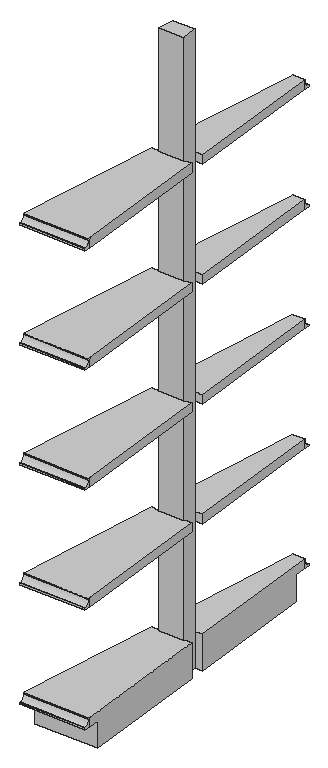
Revit family "RC50", category Specialty Equipment, Revit 2012
Parameters (values of type "Spacer System 10 Degree Radius (Default)")
  URL = "http://madixinc.com/display/maxiline/shelves.html"
  Outside Radius Shelf Depth = 2' - 0"
  Model = "Spacer System"
  Manufacturer = "© 2012 Madix, Inc. All rights reserved."
  Inside Radius Shelf Depth = 2' - 0"
  Height = 8' - 0"
  Inside Radius Base Shelf [instance] = yes
  Inside Radius 2' Shelf [instance] = yes
  Inside Radius 3' 6" Shelf [instance] = yes
  Inside Radius 5' Shelf [instance] = yes
  Inside Radius 6' 6" Shelf [instance] = yes
  Outside Radius Base Shelf [instance] = yes
  Outside Radius 2' Shelf [instance] = yes
  Outside Radius 3' 6" Shelf [instance] = yes
  Outside Radius 5' Shelf [instance] = yes
  Outside Radius 6' 6" Shelf [instance] = yes
Reference planes (in)
  plane 1 "Center (Front/Back)": y = 0
  plane 2: z = 0
  plane 3 "Center (Left/Right)": x = 0
  plane 4: y = 25.375
  plane 5: y = -25.36454
  plane 6: through (-1, 25.375, 48) normal (0.9962, -0.0872, 0)
  plane 7: through (1, 25.375, 48) normal (0.9962, 0.0872, 0)
  plane 8: through (-0.26629, 25.50658, 48) normal (0.9962, 0.0872, 0)
  plane 9: through (0.26629, 25.50658, 48) normal (0.9962, -0.0872, 0)
  plane 10: through (1.84495, 1.375, 48) normal (-0.0872, 0.9962, 0)
  plane 11: through (2.08463, -1.36454, 48) normal (-0.0872, 0.9962, 0)
  plane 12: through (1.96479, 0.00523, 48) normal (-0.0872, 0.9962, 0)
  plane 13: through (-1.84495, 1.375, 48) normal (-0.0872, -0.9962, 0)
  plane 14: through (-2.08463, -1.36454, 48) normal (-0.0872, -0.9962, 0)
  plane 15: y = 1.375
  plane 16: y = -1.36454
  plane 17: z = 96
  plane 18: y = -1.36454
  plane 19: y = 1.375
  plane 20: y = 25.25
  plane 21: y = 23.375
  plane 22: y = -23.36454
  plane 23: y = -25.23954
  plane 24: z = 5.5
  plane 25: z = 4.125
  plane 26: z = 23.5
  plane 27: z = 22.125
  plane 28: z = 41.5
  plane 29: z = 59.5
  plane 30: z = 77.5
  plane 31: z = 40.125
  plane 32: z = 58.125
  plane 33: z = 76.125
Forms (in)
  Extrusion 1, solid, material "Metal - Steel"
    sketch origin (0, 0, 0) x (1, 0, 0) y (0, 1, 0)
      loop
        line (-1.84495, 1.375) -> (-2.08463, -1.36454) -> (2.08463, -1.36454) -> (1.84495, 1.375) -> (-1.84495, 1.375)
    from 0 to 96
  Extrusion 2, solid, material "Metal - Steel", visible <- "Outside Radius Base Shelf"
    sketch origin (0, 0, 0) x (1, 0, 0) y (0, 1, 0)
      loop
        line (-3.32987, -1.25559) -> (-5.4282, -25.23954) -> (5.4282, -25.23954) -> (3.32987, -1.25559) -> (2.08463, -1.36454) -> (-2.08463, -1.36454) -> (-3.32987, -1.25559)
    from 4.125 to 5.5
  Extrusion 3, solid, material "Metal - Steel", visible <- "Outside Radius Base Shelf"
    sketch origin (0, 0, 0) x (1, 0, 0) y (0, 1, 0)
      loop
        line (-3.32987, -1.25559) -> (-5.26416, -23.36454) -> (5.26416, -23.36454) -> (3.32987, -1.25559) -> (2.08463, -1.36454) -> (-2.08463, -1.36454) -> (-3.32987, -1.25559)
    from 0 to 4.125
  Extrusion 4, solid, material "Metal - Steel", visible <- "Outside Radius 2' Shelf"
    sketch origin (0, 0, 11) x (0, -1, 0) y (1, 0, 0)
      loop
        line (1.25559, -3.32987) -> (25.23954, -5.4282) -> (25.23954, 5.4282) -> (1.25559, 3.32987) -> (1.36454, 2.08463) -> (1.36454, -2.08463) -> (1.25559, -3.32987)
    from 11.125 to 12.5
  Extrusion 5, solid, material "Metal - Steel", visible <- "Outside Radius 3' 6" Shelf"
    sketch origin (0, 0, 36) x (1, 0, 0) y (0, 1, 0)
      loop
        line (-3.32987, -1.25559) -> (-5.4282, -25.23954) -> (5.4282, -25.23954) -> (3.32987, -1.25559) -> (2.08463, -1.36454) -> (-2.08463, -1.36454) -> (-3.32987, -1.25559)
    from 4.125 to 5.5
  Extrusion 6, solid, material "Metal - Steel", visible <- "Outside Radius 5' Shelf"
    sketch origin (0, 0, 47) x (0, -1, 0) y (1, 0, 0)
      loop
        line (1.25559, -3.32987) -> (25.23954, -5.4282) -> (25.23954, 5.4282) -> (1.25559, 3.32987) -> (1.36454, 2.08463) -> (1.36454, -2.08463) -> (1.25559, -3.32987)
    from 11.125 to 12.5
  Extrusion 7, solid, material "Metal - Steel", visible <- "Outside Radius 6' 6" Shelf"
    sketch origin (0, 0, 72) x (1, 0, 0) y (0, 1, 0)
      loop
        line (-3.32987, -1.25559) -> (-5.4282, -25.23954) -> (5.4282, -25.23954) -> (3.32987, -1.25559) -> (2.08463, -1.36454) -> (-2.08463, -1.36454) -> (-3.32987, -1.25559)
    from 4.125 to 5.5
  Extrusion 8, solid, material "Metal - Steel", visible <- "Inside Radius Base Shelf"
    sketch origin (0, 0, 0) x (1, 0, 0) y (0, 1, 0)
      loop
        line (-1.84495, 1.375) -> (1.84495, 1.375) -> (3.0902, 1.48394) -> (1.01094, 25.25) -> (-1.01094, 25.25) -> (-3.0902, 1.48394) -> (-1.84495, 1.375)
    from 4.125 to 5.5
  Extrusion 9, solid, material "Metal - Steel", visible <- "Inside Radius Base Shelf"
    sketch origin (0, 0, 0) x (1, 0, 0) y (0, 1, 0)
      loop
        line (-3.0902, 1.48394) -> (-1.84495, 1.375) -> (1.84495, 1.375) -> (3.0902, 1.48394) -> (1.17498, 23.375) -> (-1.17498, 23.375) -> (-3.0902, 1.48394)
    from 0 to 4.125
  Extrusion 10, solid, material "Metal - Steel", visible <- "Inside Radius 2' Shelf"
    sketch origin (0, 0, 11) x (0, -1, 0) y (1, 0, 0)
      loop
        line (-1.375, -1.84495) -> (-1.375, 1.84495) -> (-1.48394, 3.0902) -> (-25.25, 1.01094) -> (-25.25, -1.01094) -> (-1.48394, -3.0902) -> (-1.375, -1.84495)
    from 11.125 to 12.5
  Extrusion 11, solid, material "Metal - Steel", visible <- "Inside Radius 3' 6" Shelf"
    sketch origin (0, 0, 36) x (1, 0, 0) y (0, 1, 0)
      loop
        line (-1.84495, 1.375) -> (1.84495, 1.375) -> (3.0902, 1.48394) -> (1.01094, 25.25) -> (-1.01094, 25.25) -> (-3.0902, 1.48394) -> (-1.84495, 1.375)
    from 4.125 to 5.5
  Extrusion 12, solid, material "Metal - Steel", visible <- "Inside Radius 5' Shelf"
    sketch origin (0, 0, 47) x (0, -1, 0) y (1, 0, 0)
      loop
        line (-1.375, -1.84495) -> (-1.375, 1.84495) -> (-1.48394, 3.0902) -> (-25.25, 1.01094) -> (-25.25, -1.01094) -> (-1.48394, -3.0902) -> (-1.375, -1.84495)
    from 11.125 to 12.5
  Extrusion 13, solid, material "Metal - Steel", visible <- "Inside Radius 6' 6" Shelf"
    sketch origin (0, 0, 72) x (1, 0, 0) y (0, 1, 0)
      loop
        line (-1.84495, 1.375) -> (1.84495, 1.375) -> (3.0902, 1.48394) -> (1.01094, 25.25) -> (-1.01094, 25.25) -> (-3.0902, 1.48394) -> (-1.84495, 1.375)
    from 4.125 to 5.5
  Sweep 14, solid, material "Metal - Steel", visible <- "Inside Radius Base Shelf"
    path in 3D
      loop
        line (1.01094, 25.25, 5.5) -> (-1.01094, 25.25, 5.5)
    profile origin (0, 25.25, 5.5) x (0, -1, 0) y (0, 0, 1)
      loop
        line (0, 0) -> (-0.25, 0) -> (-0.25, -0.125) -> (-0.125, -0.125)
        arc (-0.125, -0.125) -> (-0.38696, -0.76286) -> (-0.875, -1.25) r 1.75
        line (-0.875, -1.25) -> (-0.875, -1.125) -> (-1, -1.125) -> (-1, -1.375) -> (0, -1.375) -> (0, 0)
  Sweep 15, solid, material "Metal - Steel", visible <- "Inside Radius 2' Shelf"
    path in 3D
      loop
        line (1.01094, 25.25, 23.5) -> (-1.01094, 25.25, 23.5)
    profile origin (0, 25.25, 23.5) x (0, -1, 0) y (0, 0, 1)
      loop
        arc (-0.125, -0.125) -> (-0.38696, -0.76286) -> (-0.875, -1.25) r 1.75
        line (-0.875, -1.25) -> (-0.875, -1.125) -> (-1, -1.125) -> (-1, -1.375) -> (0, -1.375) -> (0, 0) -> (-0.25, 0) -> (-0.25, -0.125) -> (-0.125, -0.125)
  Sweep 16, solid, material "Metal - Steel", visible <- "Inside Radius 3' 6" Shelf"
    path in 3D
      loop
        line (1.01094, 25.25, 41.5) -> (-1.01094, 25.25, 41.5)
    profile origin (0, 25.25, 41.5) x (0, -1, 0) y (0, 0, 1)
      loop
        arc (-0.125, -0.125) -> (-0.38696, -0.76286) -> (-0.875, -1.25) r 1.75
        line (-0.875, -1.25) -> (-0.875, -1.125) -> (-1, -1.125) -> (-1, -1.375) -> (0, -1.375) -> (0, 0) -> (-0.25, 0) -> (-0.25, -0.125) -> (-0.125, -0.125)
  Sweep 17, solid, material "Metal - Steel", visible <- "Inside Radius 5' Shelf"
    path in 3D
      loop
        line (1.01094, 25.25, 59.5) -> (-1.01094, 25.25, 59.5)
    profile origin (0, 25.25, 59.5) x (0, -1, 0) y (0, 0, 1)
      loop
        arc (-0.125, -0.125) -> (-0.38696, -0.76286) -> (-0.875, -1.25) r 1.75
        line (-0.875, -1.25) -> (-0.875, -1.125) -> (-1, -1.125) -> (-1, -1.375) -> (0, -1.375) -> (0, 0) -> (-0.25, 0) -> (-0.25, -0.125) -> (-0.125, -0.125)
  Sweep 18, solid, material "Metal - Steel", visible <- "Inside Radius 6' 6" Shelf"
    path in 3D
      loop
        line (1.01094, 25.25, 77.5) -> (-1.01094, 25.25, 77.5)
    profile origin (0, 25.25, 77.5) x (0, -1, 0) y (0, 0, 1)
      loop
        arc (-0.125, -0.125) -> (-0.38696, -0.76286) -> (-0.875, -1.25) r 1.75
        line (-0.875, -1.25) -> (-0.875, -1.125) -> (-1, -1.125) -> (-1, -1.375) -> (0, -1.375) -> (0, 0) -> (-0.25, 0) -> (-0.25, -0.125) -> (-0.125, -0.125)
  Sweep 19, solid, material "Metal - Steel", visible <- "Outside Radius Base Shelf"
    path in 3D
      loop
        line (-5.4282, -25.23954, 5.5) -> (5.4282, -25.23954, 5.5)
    profile origin (0, -25.23954, 5.5) x (0, 1, 0) y (0, 0, 1)
      loop
        line (0, 0) -> (-0.25, 0) -> (-0.25, -0.125) -> (-0.125, -0.125)
        arc (-0.125, -0.125) -> (-0.38696, -0.76286) -> (-0.875, -1.25) r 1.75
        line (-0.875, -1.25) -> (-0.875, -1.125) -> (-1, -1.125) -> (-1, -1.375) -> (0, -1.375) -> (0, 0)
  Sweep 20, solid, material "Metal - Steel", visible <- "Outside Radius 2' Shelf"
    path in 3D
      loop
        line (-5.4282, -25.23954, 23.5) -> (5.4282, -25.23954, 23.5)
    profile origin (0, -25.23954, 23.5) x (0, 1, 0) y (0, 0, 1)
      loop
        arc (-0.125, -0.125) -> (-0.38696, -0.76286) -> (-0.875, -1.25) r 1.75
        line (-0.875, -1.25) -> (-0.875, -1.125) -> (-1, -1.125) -> (-1, -1.375) -> (0, -1.375) -> (0, 0) -> (-0.25, 0) -> (-0.25, -0.125) -> (-0.125, -0.125)
  Sweep 21, solid, material "Metal - Steel", visible <- "Outside Radius 3' 6" Shelf"
    path in 3D
      loop
        line (-5.4282, -25.23954, 41.5) -> (5.4282, -25.23954, 41.5)
    profile origin (0, -25.23954, 41.5) x (0, 1, 0) y (0, 0, 1)
      loop
        arc (-0.125, -0.125) -> (-0.38696, -0.76286) -> (-0.875, -1.25) r 1.75
        line (-0.875, -1.25) -> (-0.875, -1.125) -> (-1, -1.125) -> (-1, -1.375) -> (0, -1.375) -> (0, 0) -> (-0.25, 0) -> (-0.25, -0.125) -> (-0.125, -0.125)
  Sweep 22, solid, material "Metal - Steel", visible <- "Outside Radius 5' Shelf"
    path in 3D
      loop
        line (-5.4282, -25.23954, 59.5) -> (5.4282, -25.23954, 59.5)
    profile origin (0, -25.23954, 59.5) x (0, 1, 0) y (0, 0, 1)
      loop
        line (0, 0) -> (-0.25, 0) -> (-0.25, -0.125) -> (-0.125, -0.125)
        arc (-0.125, -0.125) -> (-0.38696, -0.76286) -> (-0.875, -1.25) r 1.75
        line (-0.875, -1.25) -> (-0.875, -1.125) -> (-1, -1.125) -> (-1, -1.375) -> (0, -1.375) -> (0, 0)
  Sweep 23, solid, material "Metal - Steel", visible <- "Outside Radius 6' 6" Shelf"
    path in 3D
      loop
        line (-5.4282, -25.23954, 77.5) -> (5.4282, -25.23954, 77.5)
    profile origin (0, -25.23954, 77.5) x (0, 1, 0) y (0, 0, 1)
      loop
        arc (-0.125, -0.125) -> (-0.38696, -0.76286) -> (-0.875, -1.25) r 1.75
        line (-0.875, -1.25) -> (-0.875, -1.125) -> (-1, -1.125) -> (-1, -1.375) -> (0, -1.375) -> (0, 0) -> (-0.25, 0) -> (-0.25, -0.125) -> (-0.125, -0.125)
Cuts and joins
  joined: Extrusion 8, Extrusion 9, Sweep 14
  joined: Extrusion 10, Sweep 15
  joined: Extrusion 11, Sweep 16
  joined: Extrusion 12, Sweep 17
  joined: Extrusion 13, Sweep 18
  joined: Extrusion 2, Extrusion 3, Sweep 19
  joined: Extrusion 4, Sweep 20
  joined: Extrusion 5, Sweep 21
  joined: Extrusion 6, Sweep 22
  joined: Extrusion 7, Sweep 23
Lines and regions (in)
  sketch lines
    curve 1: line (1.01094, 25.25, 5.5) -> (-1.01094, 25.25, 5.5)
    curve 2: line (1.01094, 25.25, 23.5) -> (-1.01094, 25.25, 23.5)
    curve 3: line (1.01094, 25.25, 41.5) -> (-1.01094, 25.25, 41.5)
    curve 4: line (1.01094, 25.25, 59.5) -> (-1.01094, 25.25, 59.5)
    curve 5: line (1.01094, 25.25, 77.5) -> (-1.01094, 25.25, 77.5)
    curve 6: line (-5.4282, -25.23954, 5.5) -> (5.4282, -25.23954, 5.5)
    curve 7: line (-5.4282, -25.23954, 23.5) -> (5.4282, -25.23954, 23.5)
    curve 8: line (-5.4282, -25.23954, 41.5) -> (5.4282, -25.23954, 41.5)
    curve 9: line (-5.4282, -25.23954, 59.5) -> (5.4282, -25.23954, 59.5)
    curve 10: line (-5.4282, -25.23954, 77.5) -> (5.4282, -25.23954, 77.5)
Dimensions and locks (in)
  "Height": plane 17 to level
  plane 22 to plane 23 to plane 5 = 0' - 1 7/8" locked, 0' - 0 1/8" locked
  plane 4 to plane 20 to plane 21 = 0' - 0 1/8" locked, 0' - 1 7/8" locked
  "Inside Radius Shelf Depth": plane 4 to plane 19
  locked: plane 19 to plane 18 at 2.73954
  plane 19 to plane 1 "Center (Front/Back)" to plane 18 = 0' - 1 3/8" locked, 0' - 1.36454" locked
  "Outside Radius Shelf Depth": plane 18 to plane 5
  angle plane 6 to plane 7 = 10.00°
  aligned and locked: level to plane 2
  aligned and locked: plane 17 to Extrusion 1
  aligned and locked: plane 18 to plane 16
  aligned and locked: plane 19 to plane 15
Automatic sketch dimensions
  plane 9 to Extrusion 1 sketch curve = 0' - 0"  (x2)
  Extrusion 1 sketch curve to plane 14 = 0' - 0"
  Extrusion 1 sketch curve to plane 13 = 0' - 0"
  plane 8 to Extrusion 1 sketch curve = 0' - 0"  (x2)
  plane 6 to Extrusion 2 sketch curve = 0' - 0"  (x2)
  Extrusion 2 sketch curve to plane 23 = 0' - 0"
  Extrusion 2 sketch curve to plane 14 = 0' - 0"
  plane 9 to Extrusion 2 sketch curve = 0' - 0"
  plane 8 to Extrusion 2 sketch curve = 0' - 0"
  plane 7 to Extrusion 2 sketch curve = 0' - 0"
  Extrusion 2 sketch curve to plane 11 = 0' - 0"
  plane 6 to Extrusion 3 sketch curve = 0' - 0"  (x2)
  Extrusion 3 sketch curve to plane 22 = 0' - 0"
  Extrusion 3 sketch curve to plane 14 = 0' - 0"
  plane 9 to Extrusion 3 sketch curve = 0' - 0"
  plane 8 to Extrusion 3 sketch curve = 0' - 0"
  plane 7 to Extrusion 3 sketch curve = 0' - 0"
  Extrusion 3 sketch curve to plane 11 = 0' - 0"
  plane 6 to Extrusion 4 sketch curve = 0' - 0"  (x2)
  Extrusion 4 sketch curve to plane 14 = 0' - 0"
  plane 7 to Extrusion 4 sketch curve = 0' - 0"
  Extrusion 4 sketch curve to plane 11 = 0' - 0"  (x2)
  plane 8 to Extrusion 4 sketch curve = 0' - 0"
  Extrusion 4 sketch curve to plane 23 = 0' - 0"
  plane 6 to Extrusion 5 sketch curve = 0' - 0"  (x2)
  Extrusion 5 sketch curve to plane 23 = 0' - 0"
  Extrusion 5 sketch curve to plane 14 = 0' - 0"
  plane 9 to Extrusion 5 sketch curve = 0' - 0"
  plane 8 to Extrusion 5 sketch curve = 0' - 0"
  plane 7 to Extrusion 5 sketch curve = 0' - 0"
  Extrusion 5 sketch curve to plane 11 = 0' - 0"
  plane 6 to Extrusion 6 sketch curve = 0' - 0"  (x2)
  Extrusion 6 sketch curve to plane 14 = 0' - 0"
  plane 7 to Extrusion 6 sketch curve = 0' - 0"
  Extrusion 6 sketch curve to plane 11 = 0' - 0"  (x2)
  plane 8 to Extrusion 6 sketch curve = 0' - 0"
  Extrusion 6 sketch curve to plane 23 = 0' - 0"
  plane 6 to Extrusion 7 sketch curve = 0' - 0"  (x2)
  Extrusion 7 sketch curve to plane 23 = 0' - 0"
  Extrusion 7 sketch curve to plane 14 = 0' - 0"
  plane 9 to Extrusion 7 sketch curve = 0' - 0"
  plane 8 to Extrusion 7 sketch curve = 0' - 0"
  plane 7 to Extrusion 7 sketch curve = 0' - 0"
  Extrusion 7 sketch curve to plane 11 = 0' - 0"
  plane 6 to Extrusion 8 sketch curve = 0' - 0"
  Extrusion 8 sketch curve to plane 13 = 0' - 0"  (x2)
  plane 9 to Extrusion 8 sketch curve = 0' - 0"
  Extrusion 8 sketch curve to plane 20 = 0' - 0"
  plane 7 to Extrusion 8 sketch curve = 0' - 0"  (x2)
  plane 8 to Extrusion 8 sketch curve = 0' - 0"
  plane 6 to Extrusion 9 sketch curve = 0' - 0"
  Extrusion 9 sketch curve to plane 13 = 0' - 0"  (x2)
  plane 9 to Extrusion 9 sketch curve = 0' - 0"
  Extrusion 9 sketch curve to plane 21 = 0' - 0"
  plane 7 to Extrusion 9 sketch curve = 0' - 0"  (x2)
  plane 8 to Extrusion 9 sketch curve = 0' - 0"
  plane 7 to Extrusion 10 sketch curve = 0' - 0"  (x2)
  Extrusion 10 sketch curve to plane 20 = 0' - 0"
  plane 6 to Extrusion 10 sketch curve = 0' - 0"
  Extrusion 10 sketch curve to plane 13 = 0' - 0"  (x2)
  Extrusion 10 sketch curve to plane 10 = 0' - 0"
  plane 9 to Extrusion 10 sketch curve = 0' - 0"
  plane 6 to Extrusion 11 sketch curve = 0' - 0"
  Extrusion 11 sketch curve to plane 13 = 0' - 0"  (x2)
  plane 9 to Extrusion 11 sketch curve = 0' - 0"
  Extrusion 11 sketch curve to plane 20 = 0' - 0"
  plane 7 to Extrusion 11 sketch curve = 0' - 0"  (x2)
  plane 8 to Extrusion 11 sketch curve = 0' - 0"
  plane 7 to Extrusion 12 sketch curve = 0' - 0"  (x2)
  Extrusion 12 sketch curve to plane 20 = 0' - 0"
  plane 6 to Extrusion 12 sketch curve = 0' - 0"
  Extrusion 12 sketch curve to plane 13 = 0' - 0"  (x2)
  Extrusion 12 sketch curve to plane 10 = 0' - 0"
  plane 9 to Extrusion 12 sketch curve = 0' - 0"
  plane 6 to Extrusion 13 sketch curve = 0' - 0"
  Extrusion 13 sketch curve to plane 13 = 0' - 0"  (x2)
  plane 9 to Extrusion 13 sketch curve = 0' - 0"
  Extrusion 13 sketch curve to plane 20 = 0' - 0"
  plane 7 to Extrusion 13 sketch curve = 0' - 0"  (x2)
  plane 8 to Extrusion 13 sketch curve = 0' - 0"
  Sweep 14 sketch curve to profile plane = 0' - 0"  (x2)
  profile plane to Sweep 14 sketch curve = 0' - 0 1/8"
  Sweep 14 sketch curve to Sweep 14 sketch curve = 0' - 0 1/8"  (x4)
  profile plane to Sweep 14 sketch curve = 0' - 0 7/8"
  profile plane to Sweep 14 sketch curve = 0' - 0.20787"
  Sweep 14 sketch curve to Sweep 14 sketch curve = 0' - 0.84305"
  Sweep 14 sketch curve to profile plane = 0' - 0 1/8"
  Sweep 15 sketch curve to profile plane = 0' - 0"
  profile plane to Sweep 15 sketch curve = 0' - 0 1/8"
  Sweep 15 sketch curve to Sweep 15 sketch curve = 0' - 0 1/8"  (x5)
  profile plane to Sweep 15 sketch curve = 0' - 0 7/8"
  Sweep 15 sketch curve to Sweep 15 sketch curve = 0' - 0.84305"
  Sweep 15 sketch curve to profile plane = 0' - 1 3/8"
  Sweep 15 sketch curve to Sweep 15 sketch curve = 0' - 1"
  Sweep 16 sketch curve to profile plane = 0' - 0"
  profile plane to Sweep 16 sketch curve = 0' - 0 1/8"
  Sweep 16 sketch curve to Sweep 16 sketch curve = 0' - 0 1/8"  (x5)
  profile plane to Sweep 16 sketch curve = 0' - 0 7/8"
  Sweep 16 sketch curve to Sweep 16 sketch curve = 0' - 0.84305"
  Sweep 16 sketch curve to profile plane = 0' - 1 3/8"
  Sweep 16 sketch curve to Sweep 16 sketch curve = 0' - 1"
  Sweep 17 sketch curve to profile plane = 0' - 0"
  profile plane to Sweep 17 sketch curve = 0' - 0 1/8"
  Sweep 17 sketch curve to Sweep 17 sketch curve = 0' - 0 1/8"  (x5)
  profile plane to Sweep 17 sketch curve = 0' - 0 7/8"
  Sweep 17 sketch curve to Sweep 17 sketch curve = 0' - 0.84305"
  Sweep 17 sketch curve to profile plane = 0' - 1 3/8"
  Sweep 17 sketch curve to Sweep 17 sketch curve = 0' - 1"
  Sweep 18 sketch curve to profile plane = 0' - 0"
  profile plane to Sweep 18 sketch curve = 0' - 0 1/8"
  Sweep 18 sketch curve to Sweep 18 sketch curve = 0' - 0 1/8"  (x5)
  profile plane to Sweep 18 sketch curve = 0' - 0 7/8"
  Sweep 18 sketch curve to Sweep 18 sketch curve = 0' - 0.84305"
  Sweep 18 sketch curve to profile plane = 0' - 1 3/8"
  Sweep 18 sketch curve to Sweep 18 sketch curve = 0' - 1"
  Sweep 19 sketch curve to profile plane = 0' - 0"  (x2)
  profile plane to Sweep 19 sketch curve = 0' - 0 1/8"
  Sweep 19 sketch curve to Sweep 19 sketch curve = 0' - 0 1/8"  (x4)
  profile plane to Sweep 19 sketch curve = 0' - 0 7/8"
  profile plane to Sweep 19 sketch curve = 0' - 0.20787"
  Sweep 19 sketch curve to Sweep 19 sketch curve = 0' - 0.84305"
  Sweep 19 sketch curve to profile plane = 0' - 0 1/8"
  Sweep 20 sketch curve to profile plane = 0' - 0"
  profile plane to Sweep 20 sketch curve = 0' - 0 1/8"
  Sweep 20 sketch curve to Sweep 20 sketch curve = 0' - 0 1/8"  (x5)
  profile plane to Sweep 20 sketch curve = 0' - 0 7/8"
  Sweep 20 sketch curve to Sweep 20 sketch curve = 0' - 0.84305"
  Sweep 20 sketch curve to profile plane = 0' - 1 3/8"
  Sweep 20 sketch curve to Sweep 20 sketch curve = 0' - 1"
  Sweep 21 sketch curve to profile plane = 0' - 0"
  profile plane to Sweep 21 sketch curve = 0' - 0 1/8"
  Sweep 21 sketch curve to Sweep 21 sketch curve = 0' - 0 1/8"  (x5)
  profile plane to Sweep 21 sketch curve = 0' - 0 7/8"
  Sweep 21 sketch curve to Sweep 21 sketch curve = 0' - 0.84305"
  Sweep 21 sketch curve to profile plane = 0' - 1 3/8"
  Sweep 21 sketch curve to Sweep 21 sketch curve = 0' - 1"
  Sweep 22 sketch curve to profile plane = 0' - 0"
  profile plane to Sweep 22 sketch curve = 0' - 0 1/8"
  Sweep 22 sketch curve to Sweep 22 sketch curve = 0' - 0 1/8"  (x5)
  profile plane to Sweep 22 sketch curve = 0' - 0 7/8"
  Sweep 22 sketch curve to Sweep 22 sketch curve = 0' - 0.84305"
  Sweep 22 sketch curve to profile plane = 0' - 1 3/8"
  Sweep 22 sketch curve to Sweep 22 sketch curve = 0' - 1"
  Sweep 23 sketch curve to profile plane = 0' - 0"
  profile plane to Sweep 23 sketch curve = 0' - 0 1/8"
  Sweep 23 sketch curve to Sweep 23 sketch curve = 0' - 0 1/8"  (x5)
  profile plane to Sweep 23 sketch curve = 0' - 0 7/8"
  Sweep 23 sketch curve to Sweep 23 sketch curve = 0' - 0.84305"
  Sweep 23 sketch curve to profile plane = 0' - 1 3/8"
  Sweep 23 sketch curve to Sweep 23 sketch curve = 0' - 1"
